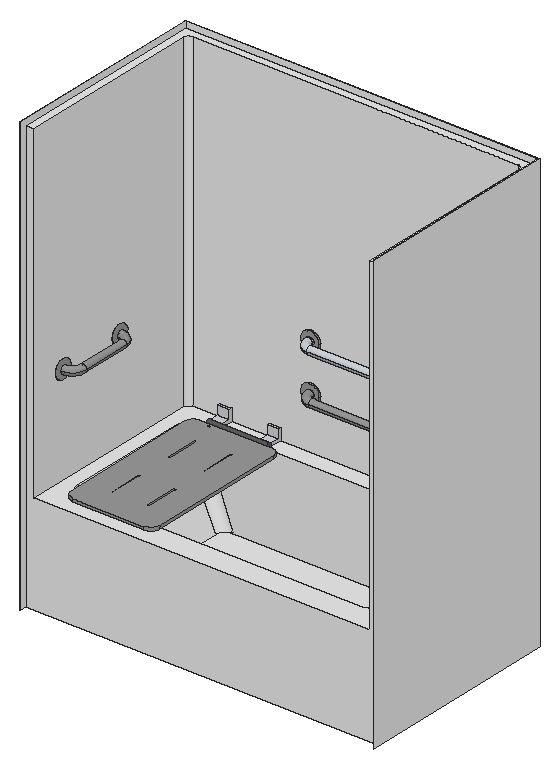
Revit family "BTS6034A17 L-R", category Plumbing Fixtures, Revit 2019
Family settings
  Round Connector Dimension = Use Diameter
  Part Type = Normal
  OmniClass Number = 23.45.05.14.17
  OmniClass Title = Showers
  Work Plane-Based = No
  Always vertical = Yes
  Cut with Voids When Loaded = No
  Shared = No
  Room Calculation Point = No
Parameters (values of type "BTS6034A17")
  Unit Width = 60"
  Unit Height = 74"
  Unit Depth = 35"
  URL = "http://www.bestbath.com"
  Type Comments = "ADA Compliant"
  Threshold Height = 17"
  Model = "BTS6034A17"
  Material [instance] = Best Bath Gelcoat Fiberglass - 4x8 subway in Tile(1)
  Manufacturer = "Best Bath Solutions, Inc."
  Keynote = "22 40 00.D3"
  Description = "4\"x8\" Subway Tile"
  Assembly Code = "D2010700"
Reference planes (in)
  plane 1 "Back": y = -1
  plane 2: z = 0
  plane 3 "Left": x = 0
  plane 4: x = 60
  plane 5: y = -35
  plane 6: z = 73
  plane 7: z = 74
  plane 8: x = 52
  plane 9: z = 17
  plane 10: y = -17
  plane 11: y = -2.5
  plane 12: x = 10
  plane 13: x = 53.5
  plane 14: y = -5.5
  plane 15: y = -29
  plane 16: y = -5.5
  plane 17: y = -31
  plane 18: x = 3.5
  plane 19: x = 56
  plane 20: z = 26
  plane 21: z = 34
  plane 22: z = 39
  plane 23: y = -36
Forms (in)
  Extrusion 1, solid, material "Best Bath Gelcoat Fiberglass - Smooth"
    sketch origin (0, 0, 0) x (1, 0, 0) y (0, 1, 0)
      loop
        line (58.5, -35) -> (60, -35) -> (60, -1) -> (0, -1) -> (0, -35) -> (1.5, -35) -> (1.5, -3.5)
        arc (1.5, -3.5) -> (1.79289, -2.79289) -> (2.5, -2.5) r 1
        line (2.5, -2.5) -> (57.5, -2.5)
        arc (57.5, -2.5) -> (58.20711, -2.79289) -> (58.5, -3.5) r 1
        line (58.5, -3.5) -> (58.5, -35)
    from 0 to 73
  Extrusion 2, solid, material "Best Bath Gelcoat Fiberglass - Smooth"
    sketch origin (0, 0, 0) x (1, 0, 0) y (0, 1, 0)
      loop
        line (0, -35) -> (60, -35) -> (60, -1) -> (0, -1) -> (0, -35)
      loop
        circle (52, -17) r 1
    from 0 to 17
  Blend 3, void
    base sketch origin (0, 0, 0) x (1, 0, 0) y (0, 1, 0)
      loop
        arc (11.65, -5.5) -> (10.48327, -5.98327) -> (10, -7.15) r 1.65
        line (10, -7.15) -> (10, -26.75)
        arc (10, -26.75) -> (10.65901, -28.34099) -> (12.25, -29) r 2.25
        line (12.25, -29) -> (51.25, -29)
        arc (51.25, -29) -> (52.84099, -28.34099) -> (53.5, -26.75) r 2.25
        line (53.5, -26.75) -> (53.5, -7.15)
        arc (53.5, -7.15) -> (53.01673, -5.98327) -> (51.85, -5.5) r 1.65
        line (51.85, -5.5) -> (11.65, -5.5)
    top sketch origin (0, 0, 0) x (1, 0, 0) y (0, 1, 0)
      loop
        arc (5.75, -5.5) -> (4.15901, -6.15901) -> (3.5, -7.75) r 2.25
        line (3.5, -7.75) -> (3.5, -28.75)
        arc (3.5, -28.75) -> (4.15901, -30.34099) -> (5.75, -31) r 2.25
        line (5.75, -31) -> (53.75, -31)
        arc (53.75, -31) -> (55.34099, -30.34099) -> (56, -28.75) r 2.25
        line (56, -28.75) -> (56, -7.75)
        arc (56, -7.75) -> (55.34099, -6.15901) -> (53.75, -5.5) r 2.25
        line (53.75, -5.5) -> (5.75, -5.5)
    from 2.23617 to 18
  Extrusion 4, solid, material "Best Bath Gelcoat Fiberglass - Smooth"
    sketch origin (0, 0, 0) x (1, 0, 0) y (0, 1, 0)
      loop
        line (0, -36) -> (0.125, -36) -> (0.125, -1.125) -> (59.875, -1.125) -> (59.875, -36) -> (60, -36) -> (60, -1) -> (0, -1) -> (0, -36)
    from 0 to 74
Cuts and joins
  Blend 3 cuts Extrusion 2
  joined: Extrusion 1, Extrusion 2, Extrusion 4
Dimensions and locks (in)
  "Unit Width": plane 3 "Left" to plane 4
  locked: plane 7 to plane 6 at 1
  "Unit Height": plane 7 to level
  plane 3 "Left" to plane 8 to plane 4 = 52", 8"
  plane 10 to plane 1 "Back" = 16"
  locked: plane 13 to plane 4 at 6.5
  locked: plane 15 to plane 5 at 6
  locked: plane 3 "Left" to plane 12 at 10
  Extrusion 1 to plane 14 = 4 1/2"
  locked: plane 16 to plane 1 "Back" at 4.5
  locked: plane 17 to plane 5 at 4
  locked: plane 19 to plane 4 at 4
  locked: plane 3 "Left" to plane 18 at 3.5
  "Threshold Height": plane 9 to level
  plane 20 to plane 9 = 9"
  plane 21 to plane 9 = 17"
  plane 22 to plane 9 = 22"
  locked: plane 5 to plane 23 at 1
  "Unit Depth": plane 23 to plane 1 "Back"
  locked: plane 11 to plane 1 "Back" at 1.5
  radius of Blend 3 sketch curve = 1.65"  (x2)
  radius of Blend 3 sketch curve = 2 1/4"  (x2)
  aligned and locked: level to plane 2
  aligned and locked: plane 6 to Extrusion 1
  aligned and locked: Extrusion 1 sketch curve to plane 4
  aligned and locked: plane 5 to Extrusion 1 sketch curve
  aligned and locked: Extrusion 1 sketch curve to plane 5
  aligned and locked: Extrusion 2 sketch curve to Extrusion 1  (x3)
  aligned and locked: Extrusion 2 sketch curve to plane 1 "Back"
  aligned and locked: plane 10 to Extrusion 2 sketch curve
  aligned and locked: plane 8 to Extrusion 2 sketch curve
  aligned and locked: plane 15 to Blend 3 sketch curve
  aligned and locked: Blend 3 sketch curve to plane 14
  aligned and locked: Blend 3 sketch curve to plane 13
  aligned and locked: plane 12 to Blend 3 sketch curve
  aligned and locked: plane 18 to Blend 3 sketch curve
  aligned and locked: Blend 3 sketch curve to plane 19
  aligned and locked: plane 17 to Blend 3 sketch curve
  aligned and locked: Blend 3 sketch curve to plane 16
  aligned and locked: plane 9 to cut or joined group of Extrusion 1, Extrusion 2, Blend 3, Extrusion 4
  aligned and locked: plane 20 to nested 2
  aligned and locked: plane 22 to nested 3
  aligned and locked: cut or joined group of Extrusion 1, Extrusion 2, Blend 3, Extrusion 4 to plane 11
  aligned and locked: cut or joined group of Extrusion 1, Extrusion 2, Blend 3, Extrusion 4 to plane 5
  aligned and locked: cut or joined group of Extrusion 1, Extrusion 2, Blend 3, Extrusion 4 to plane 1 "Back"
  aligned and locked: plane 7 to Extrusion 4
  aligned and locked: plane 23 to Extrusion 4 sketch curve
  aligned and locked: Extrusion 4 sketch curve to plane 23
Automatic sketch dimensions
  plane 18 to Blend 3 sketch curve = 2 1/4"  (x2)
  plane 17 to Blend 3 sketch curve = 2 1/4"
  Blend 3 sketch curve to plane 19 = 2 1/4"
  Extrusion 1 sketch curve to plane 3 "Left" = 0"
  Extrusion 1 sketch curve to plane 11 = 0"
  plane 1 "Back" to Extrusion 1 sketch curve = 0"
  plane 3 "Left" to Extrusion 1 sketch curve = 1 1/2"
  Extrusion 1 sketch curve to Extrusion 1 sketch curve = 1"
  Extrusion 1 sketch curve to plane 8 = 5 1/2"
  plane 4 to Extrusion 1 sketch curve = 1 1/2"
  plane 1 "Back" to Extrusion 4 sketch curve = 0"
  Extrusion 4 sketch curve to plane 3 "Left" = 0"
  Extrusion 4 sketch curve to plane 4 = 0"
  plane 3 "Left" to Extrusion 4 sketch curve = 1/8"
  plane 4 to Extrusion 4 sketch curve = 1/8"
  plane 1 "Back" to Extrusion 4 sketch curve = 1/8"
  radius of Extrusion 2 sketch curve = 1"
Nested families (in)
  nested 1: "Grab Bar - horiz" at (1.5, -29, -0.625) x (0, 1, 0) z (0, 0, 1), type "12" x 1.25""
  nested 2: "Grab Bar - horiz" at (22.5, -2.5, -8.625), type "24" x 1.25""
    with Grab Bar Size 24"
  nested 3: "Grab Bar - vertical" at (58.5, -29, -0.625) x (0, -1, 0) z (0, 0, 1), type "18" x 1.25""
  nested 4: "ADA Tub Shower Seat" at (21.99613, -19.03039, -1.125) x (0.0016, -1, 0) z (0, 0, 1), type "SE3015PHSO"
  nested 5: "Grab Bar - L shape 2016" at (58.5, -2.5, -2.97512) x (-1, 0, 0) z (0, 0, 1), type "27" x 36" x 1.25""
Definition of nested family "Grab Bar - horiz"
  Parameters
    Grab Bar Size = 12"
    URL = "http://seachrome.com/"
    Threshold Height = 5/8"
    Mounting Height = 34"
    Model = "GB12QSS"
    Manufacturer = "Seachrome Corp."
    Keynote = "10 28 00.C1"
    Description = "18\" x 1.25\" grab bar"
    Assembly Code = "C1030200"
  Reference planes (in)
    plane 1 "Center (Front/Back)": y = 0
    plane 2: z = 0
    plane 3 "Center (Left/Right)": x = 0
    plane 4: z = 34.625
    plane 5: z = 0.625
    plane 6: x = 12
  Forms (in)
    Extrusion 1, solid
      sketch origin (0, 0, 0) x (1, 0, 0) y (0, 0, 1)
        loop
          circle (0, 34.625) r 1.5625
        loop
          circle (12, 34.625) r 1.5625
      from 0 to 0.25
    Sweep 2, solid
      path origin (0, 0, 0) x (1, 0, 0) y (0, 1, 0)
        loop
          line (0, -0.25) -> (0, -0.375)
          arc (0, -0.375) -> (0.51256, -1.61244) -> (1.75, -2.125) r 1.75
          line (1.75, -2.125) -> (10.25, -2.125)
          arc (10.25, -2.125) -> (11.48744, -1.61244) -> (12, -0.375) r 1.75
          line (12, -0.375) -> (12, -0.25)
      profile origin (6, -2.125, 0) x (0, 1, 0) y (0, 0, 1)
        loop
          circle (0, 34.625) r 0.625
  Dimensions and locks (in)
    "Threshold Height": plane 5 to level
    "Mounting Height": plane 4 to plane 5
    "Grab Bar Size": plane 6 to plane 3 "Center (Left/Right)"
    Sweep 2 sketch curve to plane 1 "Center (Front/Back)" = 2 1/8"
    aligned and locked: level to plane 2
  Automatic sketch dimensions
    Extrusion 1 sketch curve to plane 3 "Center (Left/Right)" = 0"
    Extrusion 1 sketch curve to plane 4 = 0"  (x2)
    Extrusion 1 sketch curve to plane 6 = 0"
    Sweep 2 sketch curve to plane 3 "Center (Left/Right)" = 0"
    plane 1 "Center (Front/Back)" to Sweep 2 sketch curve = 3/8"
    Sweep 2 sketch curve to plane 6 = 0"
    Sweep 2 sketch curve to plane 6 = 1 3/4"
    Sweep 2 sketch curve to Sweep 2 sketch curve = 1/8"  (x2)
    Sweep 2 sketch curve to profile plane = 0"
    level to Sweep 2 sketch curve = 34 5/8"
    radius of Extrusion 1 sketch curve = 1 9/16"  (x2)
    radius of Sweep 2 sketch curve = 5/8"
Definition of nested family "Grab Bar - vertical"
  Parameters
    Wall Clearance = 2 1/8"
    Mounting Height = 39"
    Grab Bar Size = 18"
    URL = "http://seachrome.com/"
    Threshold Height = 5/8"
    Model = "GB18QSS"
    Manufacturer = "Seachrome Corp."
    Keynote = "10 28 00.C1"
    Description = "18\" x 1.25\" grab bar"
    Assembly Code = "C1030200"
  Reference planes (in)
    plane 1 "Center (Front/Back)": y = 0
    plane 2: z = 0
    plane 3 "Center (Left/Right)": x = 0
    plane 4: z = 39.625
    plane 5: z = 57.625
    plane 6: z = 0.625
  Forms (in)
    Sweep 1, solid
      path origin (0, 0, 0) x (0, 1, 0) y (0, 0, 1)
        loop
          line (-0.25, 39.625) -> (-0.375, 39.625)
          arc (-0.375, 39.625) -> (-1.61244, 40.13756) -> (-2.125, 41.375) r 1.75
          line (-2.125, 41.375) -> (-2.125, 55.875)
          arc (-2.125, 55.875) -> (-1.61244, 57.11244) -> (-0.375, 57.625) r 1.75
          line (-0.375, 57.625) -> (-0.25, 57.625)
      profile origin (0, -0.3125, 39.625) x (0, 0, -1) y (1, 0, 0)
        loop
          circle (0, 0) r 0.625
    Extrusion 2, solid
      sketch origin (0, 0, 0) x (1, 0, 0) y (0, 0, 1)
        loop
          circle (0, 39.625) r 1.5625
        loop
          circle (0, 57.625) r 1.5625
      from 0 to 0.25
  Dimensions and locks (in)
    "Grab Bar Size": plane 5 to plane 4
    Extrusion 2 to Sweep 1 sketch curve = 1 7/8"
    "Threshold Height": plane 6 to level
    "Mounting Height": plane 4 to plane 6
    aligned and locked: level to plane 2
    aligned and locked: plane 5 to Sweep 1 sketch curve
    aligned and locked: Sweep 1 sketch curve to plane 4
  Automatic sketch dimensions
    Sweep 1 sketch curve to plane 3 "Center (Left/Right)" = 0"
    Sweep 1 sketch curve to profile plane = 0"
    Extrusion 2 sketch curve to plane 3 "Center (Left/Right)" = 0"  (x2)
    Extrusion 2 sketch curve to plane 4 = 0"
    Extrusion 2 sketch curve to plane 5 = 0"
    Sweep 1 sketch curve to plane 5 = 1 3/4"
    plane 1 "Center (Front/Back)" to Sweep 1 sketch curve = 1/4"
    Sweep 1 sketch curve to Sweep 1 sketch curve = 1/8"
    Sweep 1 sketch curve to plane 5 = 0"
    plane 4 to Sweep 1 sketch curve = 1 3/4"
    radius of Sweep 1 sketch curve = 5/8"
    radius of Extrusion 2 sketch curve = 1 9/16"  (x2)
Definition of nested family "ADA Tub Shower Seat"
  Parameters (values of type "SE3215PHSO")
    URL = "http://seachrome.com/"
    Seat Width = 25"
    Seat Height = 18"
    Seat Depth = 15"
    Model = "SE3015PHSO"
    Manufacturer = "Seachrome"
    Keynote = "22 40 00.B7"
    Description = "32\" x 16\" fold down seat with swing-down legs, phenolic"
    Assembly Code = "C1030200"
  Types (2): name | Seat Width
    SE3015PHSO | 27"
    SE3215PHSO | 25"
  Reference planes (in)
    plane 1 "Center (Front/Back)": y = 0
    plane 2: z = 0
    plane 3 "Center (Left/Right)": x = 0
    plane 4: x = 12.5
    plane 5: x = -12.5
    plane 6: y = -2.25
    plane 7: y = -17.25
    plane 8: z = 18.125
    plane 9: z = 18.625
    plane 10: y = -9.75
    plane 11: x = 12.5
    plane 12: x = -12.5
    plane 13: z = 3.125
    plane 14: x = -8.75
    plane 15: x = 8.75
    plane 16: z = 14.875
    plane 17: y = -14.875
    plane 18: y = -4.625
    plane 19: z = 0.625
    plane 20: x = -3.25
    plane 21: x = 3.25
  Forms (in)
    Extrusion 1, solid
      sketch origin (0, 0, 0) x (1, 0, 0) y (0, 1, 0)
        loop
          line (12, -2.25) -> (-12, -2.25)
          arc (-12, -2.25) -> (-12.35355, -2.39645) -> (-12.5, -2.75) r 0.5
          line (-12.5, -2.75) -> (-12.5, -16.75)
          arc (-12.5, -16.75) -> (-12.35355, -17.10355) -> (-12, -17.25) r 0.5
          line (-12, -17.25) -> (12, -17.25)
          arc (12, -17.25) -> (12.35355, -17.10355) -> (12.5, -16.75) r 0.5
          line (12.5, -16.75) -> (12.5, -2.75)
          arc (12.5, -2.75) -> (12.35355, -2.39645) -> (12, -2.25) r 0.5
        loop
          line (3.25, -12.5968) -> (3.25, -12.92762) -> (8.75, -12.92762) -> (8.75, -12.5968) -> (3.25, -12.5968)
        loop
          line (-3.25, -12.5968) -> (-8.75, -12.5968) -> (-8.75, -12.92762) -> (-3.25, -12.92762) -> (-3.25, -12.5968)
        loop
          line (3.25, -6.93984) -> (8.75, -6.93984) -> (8.75, -6.60902) -> (3.25, -6.60902) -> (3.25, -6.93984)
        loop
          line (-3.25, -6.93984) -> (-3.25, -6.60902) -> (-8.75, -6.60902) -> (-8.75, -6.93984) -> (-3.25, -6.93984)
      from 18.125 to 18.625
    Extrusion 2, solid
      sketch origin (0, 0, 0) x (1, 0, 0) y (0, 0, 1)
        loop
          circle (-13.05099, 18.375) r 0.5
      from 4.625 to 14.875
    Extrusion 3, solid
      sketch origin (0, 0, 0) x (1, 0, 0) y (0, 0, 1)
        loop
          line (-13.55262, 18.125) -> (-13.55262, 18.625) -> (-15.05262, 18.625) -> (-15.05262, 20.125) -> (-15.55262, 20.125) -> (-15.55262, 18.125) -> (-13.55262, 18.125)
      from 4.625 to 14.875
    Extrusion 4, void
      sketch origin (0, 0, 0) x (1, 0, 0) y (0, 0, 1)
        loop
          line (-17.81546, 20.96567) -> (-17.81546, 16.96567) -> (-13.55262, 16.96567) -> (-13.55262, 20.96567) -> (-17.81546, 20.96567)
      from 6.48402 to 12.92762
  Cuts and joins
    Extrusion 4 cuts Extrusion 3
  Dimensions and locks (in)
    equal spacing: plane 5, plane 3 "Center (Left/Right)", plane 4
    "Seat Width": plane 5 to plane 4
    "Seat Depth": plane 7 to plane 6
    plane 6 to plane 1 "Center (Front/Back)" = 2 1/4"
    locked: plane 9 to plane 8 at 0.5
    equal spacing: plane 7, plane 10, plane 6
    equal spacing: plane 11, plane 3 "Center (Left/Right)", plane 12
    equal spacing: plane 14, plane 3 "Center (Left/Right)", plane 15
    locked: plane 19 to level at 0.625
    "Seat Height": plane 9 to plane 19
    plane 18 to plane 17 = 10 1/4"
    equal spacing: plane 18, plane 10, plane 17
    plane 14 to plane 20 = 5 1/2"
    plane 21 to plane 15 = 5 1/2"
    aligned and locked: plane 2 to level
    aligned and locked: Extrusion 1 sketch curve to plane 6
    aligned and locked: plane 4 to Extrusion 1 sketch curve
    aligned and locked: plane 9 to Extrusion 1
    aligned and locked: Extrusion 1 to plane 8
    aligned and locked: Extrusion 2 to plane 17
    aligned and locked: plane 18 to Extrusion 2
    aligned and locked: Extrusion 1 sketch curve to plane 14
    aligned and locked: plane 14 to Extrusion 1 sketch curve
    aligned and locked: Extrusion 1 sketch curve to plane 15
    aligned and locked: Extrusion 1 sketch curve to plane 20
    aligned and locked: plane 20 to Extrusion 1 sketch curve
    aligned and locked: Extrusion 1 sketch curve to plane 21
    aligned and locked: plane 21 to Extrusion 1 sketch curve
    aligned and locked: Extrusion 3 to Extrusion 2
    aligned and locked: Extrusion 2 to Extrusion 3
  Automatic sketch dimensions
    plane 8 to Extrusion 2 sketch curve = 1/4"
    Extrusion 2 sketch curve to plane 5 = 0.55099"
    Extrusion 3 sketch curve to plane 8 = 0"
    Extrusion 3 sketch curve to plane 9 = 0"
    Extrusion 3 sketch curve to plane 5 = 2.55262"
    Extrusion 3 sketch curve to plane 5 = 1.05262"
    Extrusion 3 sketch curve to Extrusion 3 sketch curve = 1 1/2"
    Extrusion 3 sketch curve to Extrusion 3 sketch curve = 1/2"
    Extrusion 4 sketch curve to plane 8 = 1.15933"
    Extrusion 4 sketch curve to plane 5 = 5.31546"
    Extrusion 4 sketch curve to plane 5 = 1.05262"
    plane 9 to Extrusion 4 sketch curve = 2.34067"
    Extrusion 1 sketch curve to plane 5 = 0"
    plane 7 to Extrusion 1 sketch curve = 0"
    Extrusion 1 sketch curve to plane 15 = 0"
    plane 12 to Extrusion 1 sketch curve = 1/2"  (x2)
    Extrusion 1 sketch curve to plane 11 = 1/2"  (x2)
    Extrusion 1 sketch curve to Extrusion 1 sketch curve = 0.33082"  (x4)
    Extrusion 1 sketch curve to plane 18 = 2.31484"  (x2)
    plane 17 to Extrusion 1 sketch curve = 1.94738"  (x2)
    radius of Extrusion 2 sketch curve = 1/2"
Definition of nested family "Grab Bar - L shape 2016"
  Parameters (values of type "27" x 44" x 1.25"")
    Single Anchor Bar Length = 27"
    Mounting Height = 39"
    URL = "http://seachrome.com/"
    Threshold Height = 2.02488"
    Model = "GB2744QSS"
    Manufacturer = "Seachrome Corp."
    Keynote = "10 28 00.C1"
    Double Anchor Bar Length = 44"
    Description = "32\" x 44\" x 1.25\" L Grab Bar"
    Assembly Code = "C1030200"
  Types (8): name | Single Anchor Bar Length | Model | Double Anchor Bar Length | Description
    18" x 33" x 1.25" | 18" | "GB3236QSS" | 33" | "18\" x 33\" x 1.25\" L Grab Bar"
    32" x 36" x 1.25" | 32" | "GB3236QSS" | 36" | "18\" x 33\" x 1.25\" L Grab Bar"
    27" x 36" x 1.25" | 27" | "GB2736QSSW" | 36" | "18\" x 33\" x 1.25\" L Grab Bar"
    42" x 50" x 1.25" | 42" | "GB4250QSS" | 50" | "42\" x 50\" x 1.25\" L Grab Bar"
    27" x 48" x 1.25" | 27" | "GB2748QSS" | 48" | "27\" x 48\" x 1.25\" L Grab Bar"
    27" x 38" x 1.25" | 27" | "GB2738QSS" | 38" | "27\" x 38\" x 1.25\" L Grab Bar"
    32" x 44" x 1.25" | 32" | "GB2738QSS" | 44" | "32\" x 44\" x 1.25\" L Grab Bar"
    27" x 44" x 1.25" | 27" | "GB2744QSS" | 44" | "32\" x 44\" x 1.25\" L Grab Bar"
  Reference planes (in)
    plane 1 "Center (Front/Back)": y = 0
    plane 2: z = 0
    plane 3 "Center (Left/Right)": x = 0
    plane 4: z = 36.97512
    plane 5: z = -2.02488
    plane 6: y = -2.125
    plane 7: x = 2.125
    plane 8: x = 6
    plane 9: x = 44
    plane 10: y = -27
  Forms (in)
    Extrusion 1, solid
      sketch origin (0, 0, 0) x (1, 0, 0) y (0, 0, 1)
        loop
          circle (6, 36.97512) r 1.5625
        loop
          circle (44, 36.97512) r 1.5625
      from 0 to 0.25
    Extrusion 2, solid
      sketch origin (0, 0, 0) x (0, 1, 0) y (0, 0, 1)
        loop
          circle (-27, 36.97512) r 1.5
      from 0 to 0.25
    Sweep 3, solid
      path origin (0, 0, 0) x (1, 0, 0) y (0, 1, 0)
        loop
          line (0.25, -27) -> (0.625, -27)
          arc (0.625, -27) -> (1.68566, -26.56066) -> (2.125, -25.5) r 1.5
          line (2.125, -25.5) -> (2.125, -3.625)
          arc (2.125, -3.625) -> (2.56434, -2.56434) -> (3.625, -2.125) r 1.5
          line (3.625, -2.125) -> (42.5, -2.125)
          arc (42.5, -2.125) -> (43.56066, -1.68566) -> (44, -0.625) r 1.5
          line (44, -0.625) -> (44, -0.25)
      profile origin (0.4375, -27, 0) x (0, 1, 0) y (0, 0, 1)
        loop
          circle (0, 36.98831) r 0.625
    Sweep 4, solid
      path origin (0, 0, 0) x (1, 0, 0) y (0, 1, 0)
        loop
          line (6, -0.25) -> (6, -2.125)
      profile origin (6, -1.1875, 0) x (1, 0, 0) y (0, 0, 1)
        loop
          circle (0, 36.98831) r 0.62
  Dimensions and locks (in)
    "Threshold Height": level to plane 5
    "Mounting Height": plane 4 to plane 5
    locked: plane 3 "Center (Left/Right)" to plane 7 at 2.125
    locked: plane 3 "Center (Left/Right)" to plane 8 at 6
    locked: plane 6 to plane 1 "Center (Front/Back)" at 2.125
    "Double Anchor Bar Length": plane 3 "Center (Left/Right)" to plane 9
    "Single Anchor Bar Length": plane 10 to plane 1 "Center (Front/Back)"
    plane 4 to plane 5 = 39"
    level to plane 5 = 2.02488"
    aligned and locked: level to plane 2
    aligned and locked: plane 8 to Extrusion 1 sketch curve
    aligned and locked: plane 4 to Extrusion 1 sketch curve
    aligned and locked: plane 9 to Extrusion 1 sketch curve
    aligned and locked: plane 10 to Extrusion 2 sketch curve
    aligned and locked: plane 4 to Extrusion 2 sketch curve
  Automatic sketch dimensions
    Extrusion 1 sketch curve to plane 4 = 0"
    Sweep 3 sketch curve to plane 10 = 0"
    Sweep 3 sketch curve to plane 7 = 0"
    Sweep 3 sketch curve to plane 6 = 0"
    Sweep 3 sketch curve to plane 9 = 0"
    plane 3 "Center (Left/Right)" to Sweep 3 sketch curve = 5/8"
    Sweep 3 sketch curve to plane 6 = 1 1/2"
    plane 1 "Center (Front/Back)" to Sweep 3 sketch curve = 5/8"
    plane 3 "Center (Left/Right)" to Sweep 3 sketch curve = 1/4"
    plane 1 "Center (Front/Back)" to Sweep 3 sketch curve = 1/4"
    Sweep 3 sketch curve to profile plane = 0"
    level to Sweep 3 sketch curve = 36.98831"
    Sweep 4 sketch curve to plane 6 = 0"
    Sweep 4 sketch curve to plane 8 = 0"
    plane 1 "Center (Front/Back)" to Sweep 4 sketch curve = 1/4"
    profile plane to Sweep 4 sketch curve = 0"
    level to Sweep 4 sketch curve = 36.98831"
    radius of Extrusion 1 sketch curve = 1 9/16"  (x2)
    radius of Extrusion 2 sketch curve = 1 1/2"
    radius of Sweep 3 sketch curve = 5/8"
    radius of Sweep 4 sketch curve = 0.62"
